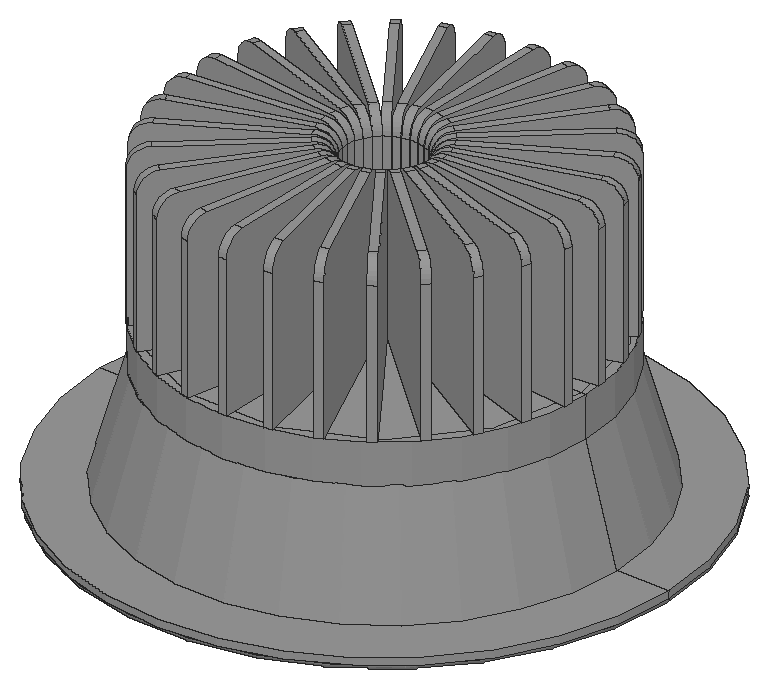
Revit family "WIL2_63_UN_Downlighter_ETK", category Lighting Fixtures, Revit 2017 (continued)
Definition of nested family "WIL.2 - Lightsource"
  Types (8, lengths in mm): name | Wattage Comments | Wattage | built-in parameter 1150134 | Photometric Web File | built-in parameter 1150142 | built-in parameter 1150105 | Lumens | built-in parameter 1150107 | built-in parameter 1150106 | Apparent Load
    WIL.2303.10 - LED 18W / 2425lm / 3000K | "18W" | 16.3254 W | (empty or 0) | "WIL.2303.10.ies" | "IESNA:LM-63-2002\r\n[TEST] /2016\r\n[TESTLAB] ies2eulumdat.appspot.com\r\n[ISSUEDATE] 2020-11-13T14:09:38.084\r\n[MANUFAC] www.etk.nl\r\n[LUMCAT] WIL.2303.10\r\n[LUMINAIRE] WIL.2 LED 18W 3000K helder wit DALI??145 IP43\r\n[LAMPCAT] LED\r\n[LAMP] LED\r\nTILT=NONE\r\n1\t1945\t1\t19\t72\t1\t2\t-0.088\t-0.088\t0.001\r\n1.0\t1.0\t18.00\r\n0\t 5\t 10\t 15\t 20\t 25\t 30\t 35\t 40\t 45\r\n50\t 55\t 60\t 65\t 70\t 75\t 80\t 85\t 90\r\n0\t 5\t 10\t 15\t 20\t 25\t 30\t 35\t 40\t 45\r\n50\t 55\t 60\t 65\t 70\t 75\t 80\t 85\t 90\t 95\r\n100\t 105\t 110\t 115\t 120\t 125\t 130\t 135\t 140\t 145\r\n150\t 155\t 160\t 165\t 170\t 175\t 180\t 185\t 190\t 195\r\n200\t 205\t 210\t 215\t 220\t 225\t 230\t 235\t 240\t 245\r\n250\t 255\t 260\t 265\t 270\t 275\t 280\t 285\t 290\t 295\r\n300\t 305\t 310\t 315\t 320\t 325\t 330\t 335\t 340\t 345\r\n350\t 355\r\n1697.7516\t1669.9576\t1595.2306\t1452.3704\t1264.8335\t1150.4286\t948.0902\t799.9591\t632.4751\t284.3785\r\n52.8068\t44.7739\t35.6324\t24.3514\t22.3092\t17.0382\t15.9101\t8.8109\t1.1476\r\n1697.7516\t1670.366\t1596.1448\t1451.3979\t1263.2581\t1148.5614\t948.985\t801.6707\t634.1867\t292.5475\r\n53.2736\t45.1823\t35.6324\t24.3125\t22.8538\t16.5908\t15.8518\t8.8109\t1.1476\r\n1697.7516\t1671.2218\t1597.0006\t1451.3979\t1262.8496\t1145.4688\t948.596\t803.1878\t635.9956\t301.0471\r\n53.7209\t45.5714\t36.4299\t24.3125\t22.7954\t17.0382\t16.2797\t9.2193\t1.1476\r\n1697.7516\t1670.8133\t1595.7363\t1451.4757\t1263.6471\t1144.2241\t947.6429\t804.2381\t636.8514\t308.3019\r\n54.1099\t46.4661\t36.8578\t24.721\t22.7954\t17.0382\t16.2797\t9.6472\t1.2253\r\n1697.7516\t1671.5524\t1596.1448\t1451.3979\t1263.3553\t1142.2596\t947.7013\t805.6579\t638.0961\t316.471\r\n54.9852\t46.4272\t37.2273\t25.0711\t22.8538\t17.4467\t17.1549\t9.6472\t1.2253\r\n1697.7516\t1671.5524\t1596.6505\t1451.8063\t1262.5579\t1143.6989\t947.7791\t806.7666\t638.6213\t323.3562\r\n56.3272\t47.3218\t38.5305\t25.5379\t23.2622\t17.3883\t16.727\t9.6472\t1.2253\r\n1697.7516\t1673.9448\t1598.8289\t1451.8842\t1261.4298\t1144.1268\t949.6852\t806.8443\t640.3718\t331.0585\r\n57.2414\t48.1971\t39.3279\t25.5379\t23.7485\t17.4467\t16.727\t9.6472\t1.1476\r\n1697.7516\t1674.7228\t1597.8953\t1451.0478\t1261.4298\t1145.8384\t951.9219\t808.2642\t641.2859\t338.7801\r\n57.6498\t49.0529\t39.6975\t26.2964\t22.7954\t17.8162\t17.116\t10.5225\t1.1476\r\n1697.7516\t1676.3177\t1598.8483\t1451.9425\t1263.083\t1148.2308\t951.9802\t808.3225\t641.3249\t342.8646\r\n58.1166\t49.4808\t40.1253\t25.4795\t23.2622\t17.8162\t17.1549\t10.0946\t1.556\r\n1697.7516\t1677.5625\t1598.4399\t1452.0203\t1262.7523\t1150.2535\t955.0923\t808.3225\t640.8969\t346.5795\r\n58.5445\t49.8892\t40.5533\t25.8296\t23.7485\t17.7579\t17.1549\t10.0946\t1.556\r\n1697.7516\t1679.1574\t1598.8483\t1452.0203\t1264.3278\t1154.7076\t957.3874\t807.953\t641.7917\t354.6513\r\n58.5445\t49.8892\t40.9228\t26.6465\t23.7485\t17.7773\t17.5439\t10.0362\t1.556\r\n1697.7516\t1678.3794\t1599.354\t1453.0317\t1265.5337\t1156.7304\t960.0715\t808.0113\t643.4643\t361.1476\r\n58.5056\t50.3366\t41.3702\t26.2381\t23.7485\t17.7773\t17.116\t10.0946\t1.556\r\n1697.7516\t1679.6047\t1599.3346\t1453.0706\t1266.0005\t1157.4112\t962.2888\t809.3728\t645.6622\t366.3797\r\n58.953\t50.745\t41.7397\t26.2381\t23.6901\t18.2052\t17.5828\t9.6472\t1.556\r\n1697.7516\t1680.7329\t1599.8209\t1455.4435\t1269.9683\t1160.1342\t963.5725\t811.4929\t646.4597\t368.8304\r\n59.4198\t51.1924\t42.5372\t26.6465\t24.6237\t18.1663\t17.9913\t10.0751\t1.556\r\n1697.7516\t1681.1997\t1598.9651\t1456.3576\t1271.6216\t1163.1683\t966.2371\t812.8739\t647.3543\t371.5923\r\n59.8671\t51.1924\t42.5372\t27.055\t24.1569\t18.6136\t18.0301\t9.6472\t1.1476\r\n1697.7516\t1683.7281\t1600.3265\t1457.3302\t1273.2165\t1167.2334\t969.3102\t813.9242\t649.8828\t373.654\r\n59.8282\t51.1924\t43.4513\t27.055\t24.6237\t18.1663\t17.9913\t10.0751\t1.1476\r\n1697.7516\t1682.4056\t1600.735\t1456.3576\t1275.6671\t1171.3374\t971.5858\t817.7753\t652.4502\t374.8793\r\n59.8282\t51.6203\t43.3929\t27.4829\t24.6237\t18.1663\t17.5439\t10.0751\t1.1476\r\n1697.7516\t1684.8563\t1602.0965\t1457.2523\t1277.651\t1175.3246\t973.7642\t820.5761\t653.2672\t374.8015\r\n59.8282\t51.6203\t42.965\t27.4245\t24.6432\t18.2052\t17.5439\t9.6472\t1.2253\r\n1697.7516\t1685.6926\t1603.0301\t1457.8358\t1280.8992\t1177.289\t976.4289\t821.6264\t654.123\t375.6379\r\n59.8282\t51.5814\t43.8209\t27.4245\t24.1569\t18.6136\t17.5439\t9.6472\t1.2253\r\n1697.7516\t1684.8563\t1602.0965\t1457.2523\t1277.651\t1175.3246\t973.7642\t820.5761\t653.2672\t374.8015\r\n59.8282\t51.6203\t42.965\t27.4245\t24.6432\t18.2052\t17.5439\t9.6472\t1.2253\r\n1697.7516\t1682.4056\t1600.735\t1456.3576\t1275.6671\t1171.3374\t971.5858\t817.7753\t652.4502\t374.8793\r\n59.8282\t51.6203\t43.3929\t27.4829\t24.6237\t18.1663\t17.5439\t10.0751\t1.1476\r\n1697.7516\t1683.7281\t1600.3265\t1457.3302\t1273.2165\t1167.2334\t969.3102\t813.9242\t649.8828\t373.654\r\n59.8282\t51.1924\t43.4513\t27.055\t24.6237\t18.1663\t17.9913\t10.0751\t1.1476\r\n1697.7516\t1681.1997\t1598.9651\t1456.3576\t1271.6216\t1163.1683\t966.2371\t812.8739\t647.3543\t371.5923\r\n59.8671\t51.1924\t42.5372\t27.055\t24.1569\t18.6136\t18.0301\t9.6472\t1.1476\r\n1697.7516\t1680.7329\t1599.8209\t1455.4435\t1269.9683\t1160.1342\t963.5725\t811.4929\t646.4597\t368.8304\r\n59.4198\t51.1924\t42.5372\t26.6465\t24.6237\t18.1663\t17.9913\t10.0751\t1.556\r\n1697.7516\t1679.6047\t1599.3346\t1453.0706\t1266.0005\t1157.4112\t962.2888\t809.3728\t645.6622\t366.3797\r\n58.953\t50.745\t41.7397\t26.2381\t23.6901\t18.2052\t17.5828\t9.6472\t1.556\r\n1697.7516\t1678.3794\t1599.354\t1453.0317\t1265.5337\t1156.7304\t960.0715\t808.0113\t643.4643\t361.1476\r\n58.5056\t50.3366\t41.3702\t26.2381\t23.7485\t17.7773\t17.116\t10.0946\t1.556\r\n1697.7516\t1679.1574\t1598.8483\t1452.0203\t1264.3278\t1154.7076\t957.3874\t807.953\t641.7917\t354.6513\r\n58.5445\t49.8892\t40.9228\t26.6465\t23.7485\t17.7773\t17.5439\t10.0362\t1.556\r\n1697.7516\t1677.5625\t1598.4399\t1452.0203\t1262.7523\t1150.2535\t955.0923\t808.3225\t640.8969\t346.5795\r\n58.5445\t49.8892\t40.5533\t25.8296\t23.7485\t17.7579\t17.1549\t10.0946\t1.556\r\n1697.7516\t1676.3177\t1598.8483\t1451.9425\t1263.083\t1148.2308\t951.9802\t808.3225\t641.3249\t342.8646\r\n58.1166\t49.4808\t40.1253\t25.4795\t23.2622\t17.8162\t17.1549\t10.0946\t1.556\r\n1697.7516\t1674.7228\t1597.8953\t1451.0478\t1261.4298\t1145.8384\t951.9219\t808.2642\t641.2859\t338.7801\r\n57.6498\t49.0529\t39.6975\t26.2964\t22.7954\t17.8162\t17.116\t10.5225\t1.1476\r\n1697.7516\t1673.9448\t1598.8289\t1451.8842\t1261.4298\t1144.1268\t949.6852\t806.8443\t640.3718\t331.0585\r\n57.2414\t48.1971\t39.3279\t25.5379\t23.7485\t17.4467\t16.727\t9.6472\t1.1476\r\n1697.7516\t1671.5524\t1596.6505\t1451.8063\t1262.5579\t1143.6989\t947.7791\t806.7666\t638.6213\t323.3562\r\n56.3272\t47.3218\t38.5305\t25.5379\t23.2622\t17.3883\t16.727\t9.6472\t1.2253\r\n1697.7516\t1671.5524\t1596.1448\t1451.3979\t1263.3553\t1142.2596\t947.7013\t805.6579\t638.0961\t316.471\r\n54.9852\t46.4272\t37.2273\t25.0711\t22.8538\t17.4467\t17.1549\t9.6472\t1.2253\r\n1697.7516\t1670.8133\t1595.7363\t1451.4757\t1263.6471\t1144.2241\t947.6429\t804.2381\t636.8514\t308.3019\r\n54.1099\t46.4661\t36.8578\t24.721\t22.7954\t17.0382\t16.2797\t9.6472\t1.2253\r\n1697.7516\t1671.2218\t1597.0006\t1451.3979\t1262.8496\t1145.4688\t948.596\t803.1878\t635.9956\t301.0471\r\n53.7209\t45.5714\t36.4299\t24.3125\t22.7954\t17.0382\t16.2797\t9.2193\t1.1476\r\n1697.7516\t1670.366\t1596.1448\t1451.3979\t1263.2581\t1148.5614\t948.985\t801.6707\t634.1867\t292.5475\r\n53.2736\t45.1823\t35.6324\t24.3125\t22.8538\t16.5908\t15.8518\t8.8109\t1.1476\r\n1697.7516\t1669.9576\t1595.2306\t1452.3704\t1264.8335\t1150.4286\t948.0902\t799.9591\t632.4751\t284.3785\r\n52.8068\t44.7739\t35.6324\t24.3514\t22.3092\t17.0382\t15.9101\t8.8109\t1.1476\r\n1697.7516\t1670.366\t1596.1448\t1451.3979\t1263.2581\t1148.5614\t948.985\t801.6707\t634.1867\t292.5475\r\n53.2736\t45.1823\t35.6324\t24.3125\t22.8538\t16.5908\t15.8518\t8.8109\t1.1476\r\n1697.7516\t1671.2218\t1597.0006\t1451.3979\t1262.8496\t1145.4688\t948.596\t803.1878\t635.9956\t301.0471\r\n53.7209\t45.5714\t36.4299\t24.3125\t22.7954\t17.0382\t16.2797\t9.2193\t1.1476\r\n1697.7516\t1670.8133\t1595.7363\t1451.4757\t1263.6471\t1144.2241\t947.6429\t804.2381\t636.8514\t308.3019\r\n54.1099\t46.4661\t36.8578\t24.721\t22.7954\t17.0382\t16.2797\t9.6472\t1.2253\r\n1697.7516\t1671.5524\t1596.1448\t1451.3979\t1263.3553\t1142.2596\t947.7013\t805.6579\t638.0961\t316.471\r\n54.9852\t46.4272\t37.2273\t25.0711\t22.8538\t17.4467\t17.1549\t9.6472\t1.2253\r\n1697.7516\t1671.5524\t1596.6505\t1451.8063\t1262.5579\t1143.6989\t947.7791\t806.7666\t638.6213\t323.3562\r\n56.3272\t47.3218\t38.5305\t25.5379\t23.2622\t17.3883\t16.727\t9.6472\t1.2253\r\n1697.7516\t1673.9448\t1598.8289\t1451.8842\t1261.4298\t1144.1268\t949.6852\t806.8443\t640.3718\t331.0585\r\n57.2414\t48.1971\t39.3279\t25.5379\t23.7485\t17.4467\t16.727\t9.6472\t1.1476\r\n1697.7516\t1674.7228\t1597.8953\t1451.0478\t1261.4298\t1145.8384\t951.9219\t808.2642\t641.2859\t338.7801\r\n57.6498\t49.0529\t39.6975\t26.2964\t22.7954\t17.8162\t17.116\t10.5225\t1.1476\r\n1697.7516\t1676.3177\t1598.8483\t1451.9425\t1263.083\t1148.2308\t951.9802\t808.3225\t641.3249\t342.8646\r\n58.1166\t49.4808\t40.1253\t25.4795\t23.2622\t17.8162\t17.1549\t10.0946\t1.556\r\n1697.7516\t1677.5625\t1598.4399\t1452.0203\t1262.7523\t1150.2535\t955.0923\t808.3225\t640.8969\t346.5795\r\n58.5445\t49.8892\t40.5533\t25.8296\t23.7485\t17.7579\t17.1549\t10.0946\t1.556\r\n1697.7516\t1679.1574\t1598.8483\t1452.0203\t1264.3278\t1154.7076\t957.3874\t807.953\t641.7917\t354.6513\r\n58.5445\t49.8892\t40.9228\t26.6465\t23.7485\t17.7773\t17.5439\t10.0362\t1.556\r\n1697.7516\t1678.3794\t1599.354\t1453.0317\t1265.5337\t1156.7304\t960.0715\t808.0113\t643.4643\t361.1476\r\n58.5056\t50.3366\t41.3702\t26.2381\t23.7485\t17.7773\t17.116\t10.0946\t1.556\r\n1697.7516\t1679.6047\t1599.3346\t1453.0706\t1266.0005\t1157.4112\t962.2888\t809.3728\t645.6622\t366.3797\r\n58.953\t50.745\t41.7397\t26.2381\t23.6901\t18.2052\t17.5828\t9.6472\t1.556\r\n1697.7516\t1680.7329\t1599.8209\t1455.4435\t1269.9683\t1160.1342\t963.5725\t811.4929\t646.4597\t368.8304\r\n59.4198\t51.1924\t42.5372\t26.6465\t24.6237\t18.1663\t17.9913\t10.0751\t1.556\r\n1697.7516\t1681.1997\t1598.9651\t1456.3576\t1271.6216\t1163.1683\t966.2371\t812.8739\t647.3543\t371.5923\r\n59.8671\t51.1924\t42.5372\t27.055\t24.1569\t18.6136\t18.0301\t9.6472\t1.1476\r\n1697.7516\t1683.7281\t1600.3265\t1457.3302\t1273.2165\t1167.2334\t969.3102\t813.9242\t649.8828\t373.654\r\n59.8282\t51.1924\t43.4513\t27.055\t24.6237\t18.1663\t17.9913\t10.0751\t1.1476\r\n1697.7516\t1682.4056\t1600.735\t1456.3576\t1275.6671\t1171.3374\t971.5858\t817.7753\t652.4502\t374.8793\r\n59.8282\t51.6203\t43.3929\t27.4829\t24.6237\t18.1663\t17.5439\t10.0751\t1.1476\r\n1697.7516\t1684.8563\t1602.0965\t1457.2523\t1277.651\t1175.3246\t973.7642\t820.5761\t653.2672\t374.8015\r\n59.8282\t51.6203\t42.965\t27.4245\t24.6432\t18.2052\t17.5439\t9.6472\t1.2253\r\n1697.7516\t1685.6926\t1603.0301\t1457.8358\t1280.8992\t1177.289\t976.4289\t821.6264\t654.123\t375.6379\r\n59.8282\t51.5814\t43.8209\t27.4245\t24.1569\t18.6136\t17.5439\t9.6472\t1.2253\r\n1697.7516\t1684.8563\t1602.0965\t1457.2523\t1277.651\t1175.3246\t973.7642\t820.5761\t653.2672\t374.8015\r\n59.8282\t51.6203\t42.965\t27.4245\t24.6432\t18.2052\t17.5439\t9.6472\t1.2253\r\n1697.7516\t1682.4056\t1600.735\t1456.3576\t1275.6671\t1171.3374\t971.5858\t817.7753\t652.4502\t374.8793\r\n59.8282\t51.6203\t43.3929\t27.4829\t24.6237\t18.1663\t17.5439\t10.0751\t1.1476\r\n1697.7516\t1683.7281\t1600.3265\t1457.3302\t1273.2165\t1167.2334\t969.3102\t813.9242\t649.8828\t373.654\r\n59.8282\t51.1924\t43.4513\t27.055\t24.6237\t18.1663\t17.9913\t10.0751\t1.1476\r\n1697.7516\t1681.1997\t1598.9651\t1456.3576\t1271.6216\t1163.1683\t966.2371\t812.8739\t647.3543\t371.5923\r\n59.8671\t51.1924\t42.5372\t27.055\t24.1569\t18.6136\t18.0301\t9.6472\t1.1476\r\n1697.7516\t1680.7329\t1599.8209\t1455.4435\t1269.9683\t1160.1342\t963.5725\t811.4929\t646.4597\t368.8304\r\n59.4198\t51.1924\t42.5372\t26.6465\t24.6237\t18.1663\t17.9913\t10.0751\t1.556\r\n1697.7516\t1679.6047\t1599.3346\t1453.0706\t1266.0005\t1157.4112\t962.2888\t809.3728\t645.6622\t366.3797\r\n58.953\t50.745\t41.7397\t26.2381\t23.6901\t18.2052\t17.5828\t9.6472\t1.556\r\n1697.7516\t1678.3794\t1599.354\t1453.0317\t1265.5337\t1156.7304\t960.0715\t808.0113\t643.4643\t361.1476\r\n58.5056\t50.3366\t41.3702\t26.2381\t23.7485\t17.7773\t17.116\t10.0946\t1.556\r\n1697.7516\t1679.1574\t1598.8483\t1452.0203\t1264.3278\t1154.7076\t957.3874\t807.953\t641.7917\t354.6513\r\n58.5445\t49.8892\t40.9228\t26.6465\t23.7485\t17.7773\t17.5439\t10.0362\t1.556\r\n1697.7516\t1677.5625\t1598.4399\t1452.0203\t1262.7523\t1150.2535\t955.0923\t808.3225\t640.8969\t346.5795\r\n58.5445\t49.8892\t40.5533\t25.8296\t23.7485\t17.7579\t17.1549\t10.0946\t1.556\r\n1697.7516\t1676.3177\t1598.8483\t1451.9425\t1263.083\t1148.2308\t951.9802\t808.3225\t641.3249\t342.8646\r\n58.1166\t49.4808\t40.1253\t25.4795\t23.2622\t17.8162\t17.1549\t10.0946\t1.556\r\n1697.7516\t1674.7228\t1597.8953\t1451.0478\t1261.4298\t1145.8384\t951.9219\t808.2642\t641.2859\t338.7801\r\n57.6498\t49.0529\t39.6975\t26.2964\t22.7954\t17.8162\t17.116\t10.5225\t1.1476\r\n1697.7516\t1673.9448\t1598.8289\t1451.8842\t1261.4298\t1144.1268\t949.6852\t806.8443\t640.3718\t331.0585\r\n57.2414\t48.1971\t39.3279\t25.5379\t23.7485\t17.4467\t16.727\t9.6472\t1.1476\r\n1697.7516\t1671.5524\t1596.6505\t1451.8063\t1262.5579\t1143.6989\t947.7791\t806.7666\t638.6213\t323.3562\r\n56.3272\t47.3218\t38.5305\t25.5379\t23.2622\t17.3883\t16.727\t9.6472\t1.2253\r\n1697.7516\t1671.5524\t1596.1448\t1451.3979\t1263.3553\t1142.2596\t947.7013\t805.6579\t638.0961\t316.471\r\n54.9852\t46.4272\t37.2273\t25.0711\t22.8538\t17.4467\t17.1549\t9.6472\t1.2253\r\n1697.7516\t1670.8133\t1595.7363\t1451.4757\t1263.6471\t1144.2241\t947.6429\t804.2381\t636.8514\t308.3019\r\n54.1099\t46.4661\t36.8578\t24.721\t22.7954\t17.0382\t16.2797\t9.6472\t1.2253\r\n1697.7516\t1671.2218\t1597.0006\t1451.3979\t1262.8496\t1145.4688\t948.596\t803.1878\t635.9956\t301.0471\r\n53.7209\t45.5714\t36.4299\t24.3125\t22.7954\t17.0382\t16.2797\t9.2193\t1.1476\r\n1697.7516\t1670.366\t1596.1448\t1451.3979\t1263.2581\t1148.5614\t948.985\t801.6707\t634.1867\t292.5475\r\n53.2736\t45.1823\t35.6324\t24.3125\t22.8538\t16.5908\t15.8518\t8.8109\t1.1476" | 4019.6 (stored number, unit not read) | 2425 lm | 3000 (stored number, unit not read) | 40.196 (stored number, unit not read) | 18 VA
